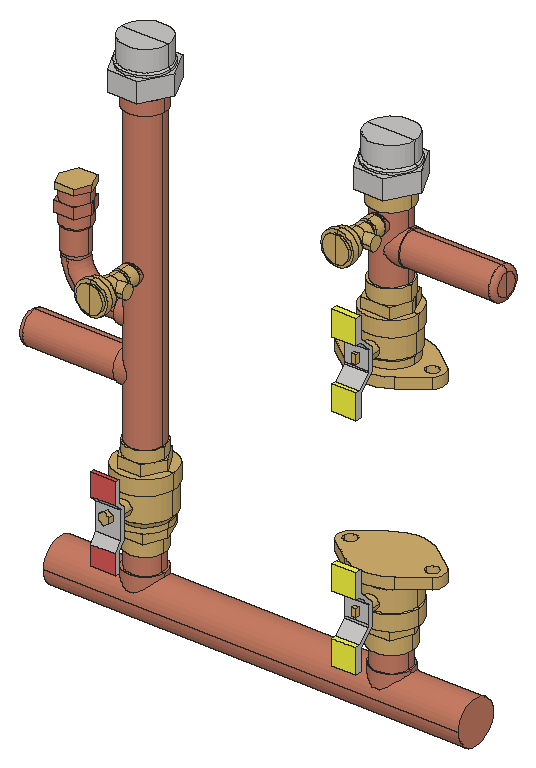
Revit family "Water_Heater_Manifolds-Navien-NFB-Primary-02", category Pipe Fittings, Revit 2016 (continued)
Dimensions and locks (in)
  locked: Extrusion 22 sketch curve to level at 0.6  (x112)
  locked: Revolve 23 sketch curve to plane 3 "Center (Left/Right)" at 4.805  (x20)
  locked: Revolve 23 sketch curve to plane 3 "Center (Left/Right)" at 5.52596  (x20)
  locked: Revolve 23 sketch curve to plane 3 "Center (Left/Right)" at 9.09329  (x8)
  locked: Revolve 23 sketch curve to plane 3 "Center (Left/Right)" at 9.3  (x20)
  locked: Revolve 23 sketch curve to plane 3 "Center (Left/Right)" at 5.30255  (x4)
  locked: Revolve 23 sketch curve to plane 3 "Center (Left/Right)" at 9.80255  (x4)
  locked: Revolve 23 sketch curve to plane 3 "Center (Left/Right)" at 8.88657  (x2)
  locked: Revolve 23 sketch curve to level at 8.43743  (x20)
  locked: Revolve 23 sketch curve to level at 8.40604  (x20)
  locked: Revolve 23 sketch curve to level at 8.19933  (x8)
  locked: Revolve 23 sketch curve to level at 7.99261  (x2)
  locked: Revolve 23 sketch curve to level at 7.78104  (x32)
  locked: Revolve 24 sketch curve to plane 3 "Center (Left/Right)" at 4.805  (x20)
  locked: Revolve 24 sketch curve to plane 3 "Center (Left/Right)" at 5.60611  (x20)
  locked: Revolve 24 sketch curve to plane 3 "Center (Left/Right)" at 9.10273  (x8)
  locked: Revolve 24 sketch curve to plane 3 "Center (Left/Right)" at 9.3  (x20)
  locked: Revolve 24 sketch curve to plane 3 "Center (Left/Right)" at 5.30255  (x4)
  locked: Revolve 24 sketch curve to plane 3 "Center (Left/Right)" at 9.80255  (x4)
  locked: Revolve 24 sketch curve to plane 3 "Center (Left/Right)" at 8.90546  (x2)
  locked: Revolve 24 sketch curve to level at 16.37493  (x20)
  locked: Revolve 24 sketch curve to level at 16.34354  (x20)
  locked: Revolve 24 sketch curve to level at 16.14627  (x8)
  locked: Revolve 24 sketch curve to level at 15.949  (x2)
  locked: Revolve 24 sketch curve to level at 15.71854  (x32)
  locked: Extrusion 25 to plane 3 "Center (Left/Right)" at 4.805  (x4)
  locked: Extrusion 25 to plane 3 "Center (Left/Right)" at 4.15701  (x4)
  locked: Extrusion 25 sketch curve to plane 3 "Center (Left/Right)" at 7.805  (x8)
  locked: Extrusion 25 sketch curve to plane 1 "Center (Front/Back)" at 1.42073  (x4)
  locked: Extrusion 25 sketch curve to level at 11.22116  (x4)
  locked: Extrusion 26 sketch curve to plane 3 "Center (Left/Right)" at 3.62906  (x16)
  locked: Extrusion 26 sketch curve to plane 3 "Center (Left/Right)" at 4.20392  (x16)
  locked: Extrusion 26 sketch curve to plane 3 "Center (Left/Right)" at 4.22698  (x16)
  locked: Extrusion 26 sketch curve to plane 3 "Center (Left/Right)" at 5.38386  (x16)
  locked: Extrusion 26 sketch curve to plane 3 "Center (Left/Right)" at 5.97851  (x16)
  locked: Extrusion 26 sketch curve to plane 3 "Center (Left/Right)" at 5.40049  (x16)
  locked: Extrusion 26 to plane 1 "Center (Front/Back)" at 1.11642  (x8)
  locked: Extrusion 26 to plane 1 "Center (Front/Back)" at 1.07926  (x8)
  locked: Extrusion 26 sketch curve to plane 1 "Center (Front/Back)" at 1.07926  (x40)
  locked: Extrusion 26 sketch curve to plane 1 "Center (Front/Back)" at 1.11642  (x40)
  locked: Extrusion 26 to level at 18.54846  (x4)
  locked: Extrusion 26 to level at 17.77984  (x4)
  locked: Extrusion 26 sketch curve to level at 0.9153  (x144)
  locked: Extrusion 27 sketch curve to plane 3 "Center (Left/Right)" at 3.89643  (x8)
  locked: Extrusion 27 sketch curve to plane 3 "Center (Left/Right)" at 4.24306  (x8)
  locked: Extrusion 27 sketch curve to plane 3 "Center (Left/Right)" at 4.22853  (x8)
  locked: Extrusion 27 sketch curve to plane 3 "Center (Left/Right)" at 5.40392  (x8)
  locked: Extrusion 27 sketch curve to plane 3 "Center (Left/Right)" at 5.70843  (x8)
  locked: Extrusion 27 sketch curve to plane 3 "Center (Left/Right)" at 5.36796  (x8)
  locked: Extrusion 27 to plane 1 "Center (Front/Back)" at 0.83997  (x4)
  locked: Extrusion 27 to plane 1 "Center (Front/Back)" at 0.8505  (x4)
  locked: Extrusion 27 sketch curve to plane 1 "Center (Front/Back)" at 0.8505  (x20)
  locked: Extrusion 27 sketch curve to plane 1 "Center (Front/Back)" at 0.83997  (x20)
  locked: Extrusion 27 to level at 2.58529  (x4)
  locked: Extrusion 27 to level at 2.2549  (x4)
  locked: Extrusion 27 sketch curve to level at 14.79953  (x72)
  locked: level to Extrusion 1 sketch curve at 0.83583
  locked: plane 1 "Center (Front/Back)" to Extrusion 1 sketch curve at 0.83583  (x3)
  locked: Extrusion 28 to plane 3 "Center (Left/Right)" at 3.07086  (x2)
  locked: Extrusion 28 to plane 3 "Center (Left/Right)" at 1.83669  (x2)
  locked: Extrusion 28 sketch curve to plane 3 "Center (Left/Right)" at 1.83669  (x10)
  locked: Extrusion 28 sketch curve to plane 3 "Center (Left/Right)" at 3.07086  (x10)
  locked: Extrusion 28 sketch curve to plane 3 "Center (Left/Right)" at 2.95427  (x4)
  locked: Extrusion 28 sketch curve to plane 3 "Center (Left/Right)" at 2.29821  (x4)
  locked: Extrusion 28 to plane 1 "Center (Front/Back)" at 3.31555  (x2)
  locked: Extrusion 28 to plane 1 "Center (Front/Back)" at 1.27142  (x2)
  locked: Extrusion 28 sketch curve to plane 1 "Center (Front/Back)" at 1.64724  (x36)
  locked: Extrusion 28 sketch curve to plane 3 "Center (Left/Right)" at 2.32609
  locked: Extrusion 28 to level at 6.5249  (x2)
  locked: Extrusion 28 to level at 10.78585  (x2)
  locked: Extrusion 28 sketch curve to level at 6.5249  (x10)
  locked: Extrusion 28 sketch curve to level at 9.71852  (x4)
  locked: Extrusion 28 sketch curve to level at 10.71842  (x4)
  locked: Extrusion 28 sketch curve to level at 9.67198
  locked: Extrusion 28 sketch curve to level at 10.78585  (x10)
  locked: Extrusion 29 to plane 3 "Center (Left/Right)" at 3.24369  (x2)
  locked: Extrusion 29 to plane 3 "Center (Left/Right)" at 6.36702  (x2)
  locked: Extrusion 29 sketch curve to plane 3 "Center (Left/Right)" at 6.07545  (x4)
  locked: Extrusion 29 sketch curve to plane 3 "Center (Left/Right)" at 6.36702  (x10)
  locked: Extrusion 29 sketch curve to plane 3 "Center (Left/Right)" at 6.07702  (x4)
  locked: Extrusion 29 sketch curve to plane 3 "Center (Left/Right)" at 3.53369  (x8)
  locked: Extrusion 29 sketch curve to plane 3 "Center (Left/Right)" at 3.24369  (x12)
  locked: Extrusion 29 to plane 1 "Center (Front/Back)" at 0.93991  (x4)
  locked: Extrusion 29 sketch curve to plane 1 "Center (Front/Back)" at 1.64724  (x48)
  locked: Extrusion 29 sketch curve to plane 3 "Center (Left/Right)" at 5.78388
  locked: Extrusion 29 sketch curve to plane 3 "Center (Left/Right)" at 5.78702
  locked: Extrusion 29 to level at 9.68024  (x2)
  locked: Extrusion 29 to level at 6.25861  (x2)
  locked: Extrusion 29 sketch curve to level at 9.68024  (x10)
  locked: Extrusion 29 sketch curve to level at 9.38867  (x4)
  locked: Extrusion 29 sketch curve to level at 9.09709
  locked: Extrusion 29 sketch curve to level at 6.54861  (x8)
  locked: Extrusion 29 sketch curve to level at 6.25861  (x12)
  locked: Extrusion 29 sketch curve to level at 9.39024  (x4)
  locked: Extrusion 29 sketch curve to level at 9.10024
  locked: Extrusion 30 to plane 1 "Center (Front/Back)" at 3.31555  (x2)
  locked: Extrusion 30 to plane 1 "Center (Front/Back)" at 0.93991  (x2)
  locked: Extrusion 30 sketch curve to plane 1 "Center (Front/Back)" at 1.64724  (x4)
  locked: Extrusion 30 sketch curve to plane 3 "Center (Left/Right)" at 3.28976  (x2)
  locked: Extrusion 30 sketch curve to level at 6.44215  (x2)
  locked: Extrusion 31 sketch curve to plane 3 "Center (Left/Right)" at 3.83138  (x8)
  locked: Extrusion 31 sketch curve to plane 3 "Center (Left/Right)" at 5.77862  (x8)
  locked: Extrusion 31 sketch curve to plane 3 "Center (Left/Right)" at 3.1823  (x2)
  locked: Extrusion 31 sketch curve to plane 3 "Center (Left/Right)" at 6.72027  (x8)
  locked: Extrusion 31 sketch curve to plane 3 "Center (Left/Right)" at 5.74958
  locked: Extrusion 31 sketch curve to plane 3 "Center (Left/Right)" at 2.88973  (x8)
  locked: Extrusion 31 sketch curve to plane 3 "Center (Left/Right)" at 2.75897
  locked: Extrusion 31 sketch curve to plane 3 "Center (Left/Right)" at 6.1605  (x2)
  locked: Extrusion 31 sketch curve to plane 3 "Center (Left/Right)" at 2.9495  (x2)
  locked: Extrusion 31 sketch curve to plane 1 "Center (Front/Back)" at 1.0625  (x16)
  locked: plane 1 "Center (Front/Back)" to Extrusion 31 sketch curve at 1.38704  (x2)
  locked: Extrusion 31 sketch curve to plane 1 "Center (Front/Back)" at 0.35626  (x16)
  locked: Extrusion 31 to level at 11.14896  (x2)
  locked: Extrusion 31 to level at 10.61632  (x2)
  locked: Extrusion 31 sketch curve to level at 0.189  (x56)
  locked: Extrusion 32 sketch curve to plane 3 "Center (Left/Right)" at 3.83138  (x8)
  locked: Extrusion 32 sketch curve to plane 3 "Center (Left/Right)" at 5.77862  (x8)
  locked: Extrusion 32 sketch curve to plane 3 "Center (Left/Right)" at 3.1823  (x2)
  locked: Extrusion 32 sketch curve to plane 3 "Center (Left/Right)" at 6.72027  (x8)
  locked: Extrusion 32 sketch curve to plane 3 "Center (Left/Right)" at 5.74958
  locked: Extrusion 32 sketch curve to plane 3 "Center (Left/Right)" at 2.88973  (x8)
  locked: Extrusion 32 sketch curve to plane 3 "Center (Left/Right)" at 2.75897
  locked: Extrusion 32 sketch curve to plane 3 "Center (Left/Right)" at 6.1605  (x2)
  locked: Extrusion 32 sketch curve to plane 3 "Center (Left/Right)" at 2.9495  (x2)
  locked: Extrusion 32 sketch curve to plane 1 "Center (Front/Back)" at 1.0625  (x16)
  locked: plane 1 "Center (Front/Back)" to Extrusion 32 sketch curve at 1.38704  (x2)
  locked: Extrusion 32 sketch curve to plane 1 "Center (Front/Back)" at 0.35626  (x16)
  locked: Extrusion 32 to level at 5.42303  (x2)
  locked: Extrusion 32 to level at 4.89039  (x2)
  locked: Extrusion 32 sketch curve to level at 5.91493  (x56)
  locked: Revolve 33 sketch curve to plane 3 "Center (Left/Right)" at 4.805  (x36)
  locked: Revolve 33 sketch curve to plane 3 "Center (Left/Right)" at 5.67294  (x10)
  locked: Revolve 33 sketch curve to plane 3 "Center (Left/Right)" at 5.97983  (x20)
  locked: Revolve 33 to level at 5.42303  (x4)
  locked: Revolve 33 to level at 10.61632  (x4)
  locked: Revolve 33 to level at 11.14896  (x4)
  locked: Revolve 33 to level at 11.31968  (x4)
  locked: Revolve 33 to level at 4.71968  (x4)
  locked: Revolve 33 to level at 4.89039  (x4)
  locked: Revolve 33 sketch curve to level at 10.61632  (x10)
  locked: Revolve 33 sketch curve to level at 5.42303  (x10)
  locked: Revolve 33 sketch curve to level at 11.31968  (x10)
  locked: Revolve 33 sketch curve to level at 11.14896  (x10)
  locked: Revolve 33 sketch curve to level at 4.89039  (x10)
  locked: Revolve 33 sketch curve to level at 4.71968  (x10)
  locked: Revolve 33 sketch curve to level at 14.09043  (x2)
  locked: Revolve 33 sketch curve to level at 1.40957  (x2)
  locked: Extrusion 34 to plane 1 "Center (Front/Back)" at 0.2812  (x2)
  locked: Extrusion 34 to plane 1 "Center (Front/Back)" at 0.93991  (x2)
  locked: Extrusion 34 sketch curve to plane 1 "Center (Front/Back)" at 1.64724  (x4)
  locked: Extrusion 34 sketch curve to plane 3 "Center (Left/Right)" at 2.90595  (x2)
  locked: Extrusion 34 sketch curve to level at 6.05833  (x2)
  locked: Extrusion 35 to plane 3 "Center (Left/Right)" at 3.07086  (x2)
  locked: Extrusion 35 to plane 3 "Center (Left/Right)" at 4.00052  (x2)
  locked: Extrusion 35 sketch curve to plane 3 "Center (Left/Right)" at 4.00052  (x10)
  locked: Extrusion 35 sketch curve to plane 3 "Center (Left/Right)" at 3.07086  (x10)
  locked: Extrusion 35 to plane 1 "Center (Front/Back)" at 3.14891  (x2)
  locked: Extrusion 35 to plane 1 "Center (Front/Back)" at 1.27142  (x2)
  locked: Extrusion 35 sketch curve to plane 1 "Center (Front/Back)" at 1.64724  (x24)
  locked: Extrusion 35 to level at 9.2618  (x2)
  locked: Extrusion 35 to level at 6.67922  (x2)
  locked: Extrusion 35 sketch curve to level at 9.2618  (x10)
  locked: Extrusion 35 sketch curve to level at 6.67922  (x10)
  locked: Extrusion 36 to plane 3 "Center (Left/Right)" at 3.24369  (x2)
  locked: Extrusion 36 to plane 3 "Center (Left/Right)" at 6.36702  (x2)
  locked: Extrusion 36 sketch curve to plane 3 "Center (Left/Right)" at 6.07545  (x4)
  locked: Extrusion 36 sketch curve to plane 3 "Center (Left/Right)" at 6.36702  (x10)
  locked: Extrusion 36 sketch curve to plane 3 "Center (Left/Right)" at 6.07702  (x4)
  locked: Extrusion 36 sketch curve to plane 3 "Center (Left/Right)" at 3.53369  (x8)
  locked: Extrusion 36 sketch curve to plane 3 "Center (Left/Right)" at 3.24369  (x12)
  locked: Extrusion 36 to plane 1 "Center (Front/Back)" at 1.27142  (x2)
  locked: Extrusion 36 to plane 1 "Center (Front/Back)" at 0.93991  (x2)
  locked: Extrusion 36 sketch curve to plane 1 "Center (Front/Back)" at 1.64724  (x48)
  locked: Extrusion 36 sketch curve to plane 3 "Center (Left/Right)" at 5.78388
  locked: Extrusion 36 sketch curve to plane 3 "Center (Left/Right)" at 5.78702
  locked: Extrusion 36 to level at 9.68024  (x2)
  locked: Extrusion 36 to level at 6.25861  (x2)
  locked: Extrusion 36 sketch curve to level at 9.68024  (x10)
  locked: Extrusion 36 sketch curve to level at 9.38867  (x4)
  locked: Extrusion 36 sketch curve to level at 9.09709
  locked: Extrusion 36 sketch curve to level at 6.54861  (x8)
  locked: Extrusion 36 sketch curve to level at 6.25861  (x12)
  locked: Extrusion 36 sketch curve to level at 9.39024  (x4)
  locked: Extrusion 36 sketch curve to level at 9.10024
  locked: Extrusion 37 to plane 1 "Center (Front/Back)" at 0.22438  (x2)
  locked: Extrusion 37 to plane 1 "Center (Front/Back)" at 0.93991  (x2)
  locked: Extrusion 37 sketch curve to plane 1 "Center (Front/Back)" at 1.64724  (x4)
  locked: Extrusion 37 sketch curve to plane 3 "Center (Left/Right)" at 3.06813  (x2)
  locked: Extrusion 37 sketch curve to level at 6.22051  (x2)
  aligned and locked: plane 6 to Revolve 2 sketch curve
  aligned and locked: Extrusion 15 to plane 7
  aligned and locked: plane 10 to Extrusion 1
  aligned and locked: Extrusion 1 to plane 11
Connectors (in)
  piping at (-4.805, 0, 19.5), diameter 1.25
    settings: on cut or joined group 1 (Extrusion 1, Revolve 2, Revolve 3, Revolve 5, Extrusion 10, Extrusion 11, Revolve 13, Revolve 14, Extrusion 16, Revolve 23, Revolve 24), index 1, connector inside diameter 24", connector length 0.0", flow factor 0, pipe flow 0 GPM, pressure drop 0.00 psi, fitting loss kfactor 0, connector angle 0.00°, fixture units 0, engagement length 0.0", angle of deflection 0.00°, flow configuration 0, flow direction 2, fitting loss method 0, system type 20, joint type 0, gender type 0, connector reference index -1, connector utility 0, adjustable connector no, is connector primary yes, connector description "Heating Supply Connection"
  piping at (4.805, 0, 19.51404), diameter 1.25
    settings: on cut or joined group 1, index 2, connector inside diameter 24", connector length 0.0", flow factor 0, pipe flow 0 GPM, pressure drop 0.00 psi, fitting loss kfactor 0, connector angle 0.00°, fixture units 0, engagement length 0.0", angle of deflection 0.00°, flow configuration 0, flow direction 1, fitting loss method 0, system type 19, joint type 0, gender type 0, connector reference index -1, connector utility 0, adjustable connector no, is connector primary no, connector description "Heating Return Connection"
  piping at (8.1, 0, 0), diameter 1.5
    settings: on cut or joined group 1, index 3, connector inside diameter 24", connector length 0.0", flow factor 0, pipe flow 0 GPM, pressure drop 0.00 psi, fitting loss kfactor 0, connector angle 0.00°, fixture units 0, engagement length 0.0", angle of deflection 0.00°, flow configuration 0, flow direction 0, fitting loss method 0, system type 19, joint type 0, gender type 0, connector reference index -1, connector utility 0, adjustable connector no, is connector primary no, connector description "Heating Return Connection"
  piping at (-8.1, 0, 0), diameter 1.5
    settings: on cut or joined group 1, index 4, connector inside diameter 24", connector length 0.0", flow factor 0, pipe flow 0 GPM, pressure drop 0.00 psi, fitting loss kfactor 0, connector angle 0.00°, fixture units 0, engagement length 0.0", angle of deflection 0.00°, flow configuration 0, flow direction 0, fitting loss method 0, system type 19, joint type 0, gender type 0, connector reference index -1, connector utility 0, adjustable connector no, is connector primary no, connector description "Heating Supply Connection"
